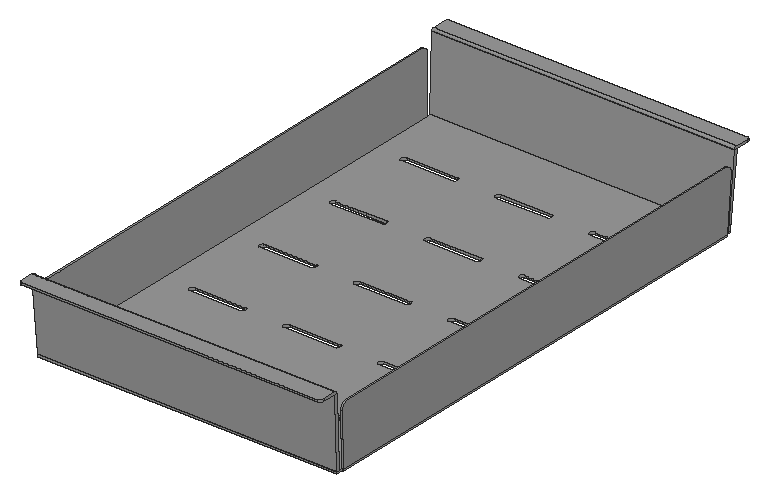
Revit family "ALMA-Carter_Colander", category Food Service Equipment, Revit 2026
Family settings
  Round Connector Dimension = Use Diameter
  Part Type = Normal
  Work Plane-Based = Yes
  Enable Cutting in Views = Yes
  Always vertical = Yes
  Cut with Voids When Loaded = No
  Maintain Annotation Orientation = No
  Shared = No
  Room Calculation Point = No
Parameters (values of type "BRUSHED STAINLESS STEEL")
  Material = BM_STAINLESS STEEL
  Default Elevation = 1219.2 mm
Types (4, lengths in mm): name | Material
  (no name) | BM_STAINLESS STEEL
  BRUSHED BRASS GOLD | BM_BRASS GOLD
  BRUSHED GUNMETAL | BM_GUNMETAL
  BRUSHED STAINLESS STEEL | BM_STAINLESS STEEL
Reference planes
  plane 1 "Center (Front/Back)": y = 0
  plane 2: z = 0
  plane 3 "Center (Left/Right)": x = 0
  plane 4: z = 50
  plane 5: y = 212.505
  plane 6: y = 197.505
  plane 7: y = -212.505
  plane 8: x = -120
  plane 9: x = 120
  plane 10: y = -195
  plane 11: y = -197.505
  plane 12: y = 194.842
  plane 13: y = 189.842
  plane 14: y = -190.042
Forms (mm)
  Extrusion 1, void
    sketch origin (0, 0, 0) x (0, 1, 0) y (0, 0, 1)
      loop
        line (-199.415, 1.5) -> (-199.415, 0) -> (196.041, 0) -> (196.041, 1.5) -> (-199.415, 1.5)
    from -120 to 120
  Extrusion 2, solid, material "BM_STAINLESS STEEL" <- "Material"
    sketch origin (0, 0, 0) x (0, -1, 0) y (1, 0, 0)
      loop
        line (190.042, -120) -> (190.042, -118.499) -> (195, -118.499) -> (195, 118.499) -> (190.042, 118.499) -> (190.042, 120) -> (-189.842, 120) -> (-189.842, 118.499) -> (-194.842, 118.499) -> (-194.842, -118.499) -> (-189.842, -118.499) -> (-189.842, -120) -> (190.042, -120)
      loop
        arc (-140.992, -95.036) -> (-138.492, -97.536) -> (-135.992, -95.036) r 2.5
        line (-135.992, -95.036) -> (-135.992, -55.076)
        arc (-135.992, -55.076) -> (-138.492, -52.576) -> (-140.992, -55.076) r 2.5
        line (-140.992, -55.076) -> (-140.992, -95.036)
      loop
        arc (-140.992, -20.036) -> (-138.492, -22.536) -> (-135.992, -20.036) r 2.5
        line (-135.992, -20.036) -> (-135.992, 19.924)
        arc (-135.992, 19.924) -> (-138.492, 22.424) -> (-140.992, 19.924) r 2.5
        line (-140.992, 19.924) -> (-140.992, -20.036)
      loop
        arc (-140.992, 54.964) -> (-138.492, 52.464) -> (-135.992, 54.964) r 2.5
        line (-135.992, 54.964) -> (-135.992, 94.924)
        arc (-135.992, 94.924) -> (-138.492, 97.424) -> (-140.992, 94.924) r 2.5
        line (-140.992, 94.924) -> (-140.992, 54.964)
      loop
        arc (-70.992, -95.036) -> (-68.492, -97.536) -> (-65.992, -95.036) r 2.5
        line (-65.992, -95.036) -> (-65.992, -55.076)
        arc (-65.992, -55.076) -> (-68.492, -52.576) -> (-70.992, -55.076) r 2.5
        line (-70.992, -55.076) -> (-70.992, -95.036)
      loop
        arc (-70.992, -20.036) -> (-68.492, -22.536) -> (-65.992, -20.036) r 2.5
        line (-65.992, -20.036) -> (-65.992, 19.924)
        arc (-65.992, 19.924) -> (-68.492, 22.424) -> (-70.992, 19.924) r 2.5
        line (-70.992, 19.924) -> (-70.992, -20.036)
      loop
        arc (-70.992, 54.964) -> (-68.492, 52.464) -> (-65.992, 54.964) r 2.5
        line (-65.992, 54.964) -> (-65.992, 94.924)
        arc (-65.992, 94.924) -> (-68.492, 97.424) -> (-70.992, 94.924) r 2.5
        line (-70.992, 94.924) -> (-70.992, 54.964)
      loop
        arc (-0.992, -95.036) -> (1.508, -97.536) -> (4.008, -95.036) r 2.5
        line (4.008, -95.036) -> (4.008, -55.076)
        arc (4.008, -55.076) -> (1.508, -52.576) -> (-0.992, -55.076) r 2.5
        line (-0.992, -55.076) -> (-0.992, -95.036)
      loop
        arc (-0.992, -20.036) -> (1.508, -22.536) -> (4.008, -20.036) r 2.5
        line (4.008, -20.036) -> (4.008, 19.924)
        arc (4.008, 19.924) -> (1.508, 22.424) -> (-0.992, 19.924) r 2.5
        line (-0.992, 19.924) -> (-0.992, -20.036)
      loop
        arc (-0.992, 54.964) -> (1.508, 52.464) -> (4.008, 54.964) r 2.5
        line (4.008, 54.964) -> (4.008, 94.924)
        arc (4.008, 94.924) -> (1.508, 97.424) -> (-0.992, 94.924) r 2.5
        line (-0.992, 94.924) -> (-0.992, 54.964)
      loop
        arc (69.008, -95.036) -> (71.508, -97.536) -> (74.008, -95.036) r 2.5
        line (74.008, -95.036) -> (74.008, -55.076)
        arc (74.008, -55.076) -> (71.508, -52.576) -> (69.008, -55.076) r 2.5
        line (69.008, -55.076) -> (69.008, -95.036)
      loop
        arc (69.008, -20.036) -> (71.508, -22.536) -> (74.008, -20.036) r 2.5
        line (74.008, -20.036) -> (74.008, 19.924)
        arc (74.008, 19.924) -> (71.508, 22.424) -> (69.008, 19.924) r 2.5
        line (69.008, 19.924) -> (69.008, -20.036)
      loop
        arc (69.008, 54.964) -> (71.508, 52.464) -> (74.008, 54.964) r 2.5
        line (74.008, 54.964) -> (74.008, 94.924)
        arc (74.008, 94.924) -> (71.508, 97.424) -> (69.008, 94.924) r 2.5
        line (69.008, 94.924) -> (69.008, 54.964)
      loop
        arc (139.008, -95.036) -> (141.508, -97.536) -> (144.008, -95.036) r 2.5
        line (144.008, -95.036) -> (144.008, -55.076)
        arc (144.008, -55.076) -> (141.508, -52.576) -> (139.008, -55.076) r 2.5
        line (139.008, -55.076) -> (139.008, -95.036)
      loop
        arc (139.008, -20.036) -> (141.508, -22.536) -> (144.008, -20.036) r 2.5
        line (144.008, -20.036) -> (144.008, 19.924)
        arc (144.008, 19.924) -> (141.508, 22.424) -> (139.008, 19.924) r 2.5
        line (139.008, 19.924) -> (139.008, -20.036)
      loop
        arc (139.008, 54.964) -> (141.508, 52.464) -> (144.008, 54.964) r 2.5
        line (144.008, 54.964) -> (144.008, 94.924)
        arc (144.008, 94.924) -> (141.508, 97.424) -> (139.008, 94.924) r 2.5
        line (139.008, 94.924) -> (139.008, 54.964)
    from 0 to 1.5
  Extrusion 3, void
    sketch origin (0, 0, 0) x (0, 1, 0) y (0, 0, 1)
      loop
        line (-199.415, 59.788) -> (-199.415, 58.5) -> (-197.281, 58.5) -> (-197.281, 59.788) -> (-199.415, 59.788)
    from -125.175 to 124.02
  Extrusion 4, void
    sketch origin (0, 0, 0) x (0, 1, 0) y (0, 0, 1)
      loop
        line (197.141, 58.5) -> (199.722, 58.5) -> (199.722, 59.884) -> (197.141, 59.884) -> (197.141, 58.5)
    from -121.251 to 129.647
  Extrusion 5, solid, material "BM_STAINLESS STEEL" <- "Material"
    sketch origin (72.46, 0, 1.258) x (0, -1, 0) y (-0.025748, 0, -0.999668)
      loop
        line (-187.12, -50.041) -> (187.356, -50.041)
        arc (187.356, -50.041) -> (191.185, -48.257) -> (192.281, -44.178) r 5
        line (192.281, -44.178) -> (190.042, -1.466) -> (-189.842, -1.466) -> (-192.107, -44.681)
        arc (-192.107, -44.681) -> (-190.78, -48.447) -> (-187.12, -50.041) r 5
    from 46.018 to 47.518
  Extrusion 6, solid, material "BM_STAINLESS STEEL" <- "Material"
    sketch origin (0, 0, 0) x (1, 0, 0) y (0, 1, 0)
      loop
        arc (-117.5, 212.505) -> (-119.268, 211.773) -> (-120, 210.005) r 2.5
        line (-120, 210.005) -> (-120, 197.505) -> (119.973, 197.505) -> (119.973, 210.005)
        arc (119.973, 210.005) -> (119.241, 211.773) -> (117.473, 212.505) r 2.5
        line (117.473, 212.505) -> (-117.5, 212.505)
    from 58.5 to 60
  Sweep 7, void
    path in 3D
      loop
        line (-120, 197.505, 60) -> (119.973, 197.505, 60)
    profile origin (-0.013, 197.505, 60) x (0, 1, 0) y (0, 0, 1)
      loop
        line (1.6, 0) -> (0, 0) -> (0, -1.6)
        arc (0, -1.6) -> (0.469, -0.469) -> (1.6, 0) r 1.6
  Extrusion 8, solid, material "BM_STAINLESS STEEL" <- "Material"
    sketch origin (0, 0, 0) x (1, 0, 0) y (0, 1, 0)
      loop
        line (-117.5, -212.505) -> (117.473, -212.505)
        arc (117.473, -212.505) -> (119.241, -211.773) -> (119.973, -210.005) r 2.5
        line (119.973, -210.005) -> (119.973, -197.505) -> (-120, -197.505) -> (-120, -210.005)
        arc (-120, -210.005) -> (-119.268, -211.773) -> (-117.5, -212.505) r 2.5
    from 58.5 to 60
  Sweep 9, void
    path in 3D
      loop
        line (119.973, -197.505, 60) -> (-120, -197.505, 60)
    profile origin (-0.013, -197.505, 60) x (0, -1, 0) y (0, 0, 1)
      loop
        line (1.6, 0) -> (0, 0) -> (0, -1.6)
        arc (0, -1.6) -> (0.469, -0.469) -> (1.6, 0) r 1.6
  Extrusion 10, solid, material "BM_STAINLESS STEEL" <- "Material"
    sketch origin (0, -5.323, 12.776) x (1, 0, 0) y (0, -0.07042, 0.997517)
      loop
        line (-120.03, 60.132) -> (-118.461, 1.047) -> (118.477, 1.047) -> (119.999, 60.132) -> (-120.03, 60.132)
    from 188.5 to 190
  Extrusion 11, solid, material "BM_STAINLESS STEEL" <- "Material"
    sketch origin (-72.46, 0, 1.258) x (0, -1, 0) y (-0.025748, 0, 0.999668)
      loop
        arc (-187.12, 50.041) -> (-190.78, 48.447) -> (-192.107, 44.681) r 5
        line (-192.107, 44.681) -> (-189.842, 1.466) -> (190.042, 1.466) -> (192.281, 44.178)
        arc (192.281, 44.178) -> (191.185, 48.257) -> (187.356, 50.041) r 5
        line (187.356, 50.041) -> (-187.12, 50.041)
    from 46.018 to 47.518
  Extrusion 12, solid, material "BM_STAINLESS STEEL" <- "Material"
    sketch origin (0, 5.198, 13.31) x (1, 0, 0) y (0, -0.073169, -0.99732)
      loop
        line (-120.009, -60.132) -> (120.002, -60.132) -> (118.48, -1.047) -> (-118.482, -1.047) -> (-120.009, -60.132)
    from 188.5 to 190
Cuts and joins
  Sweep 7, Sweep 9 cuts Extrusion 6
  Sweep 9 cuts Extrusion 8
  Extrusion 1, Extrusion 3 cuts Extrusion 10
  Extrusion 1, Extrusion 4 cuts Extrusion 12
Lines and regions (mm)
  sketch lines
    curve 1: line (-120, 197.505, 60) -> (119.973, 197.505, 60)
    curve 2: line (119.973, -197.505, 60) -> (-120, -197.505, 60)
Text (mm)
  text "Refer to www.buildmat.com.au for the most current product literature. \nAllow a +/- 5mm tolerance for dimensions shown in the product literature. \nPlease note product details are subject to change due to ongoing product development." at (-23.416, -485.673, 0), in view "Ref. Level"
Dimensions and locks
  plane 5 to plane 7 = 425.011 mm
  plane 8 to plane 9 = 240 mm
  aligned and locked: level to plane 2
